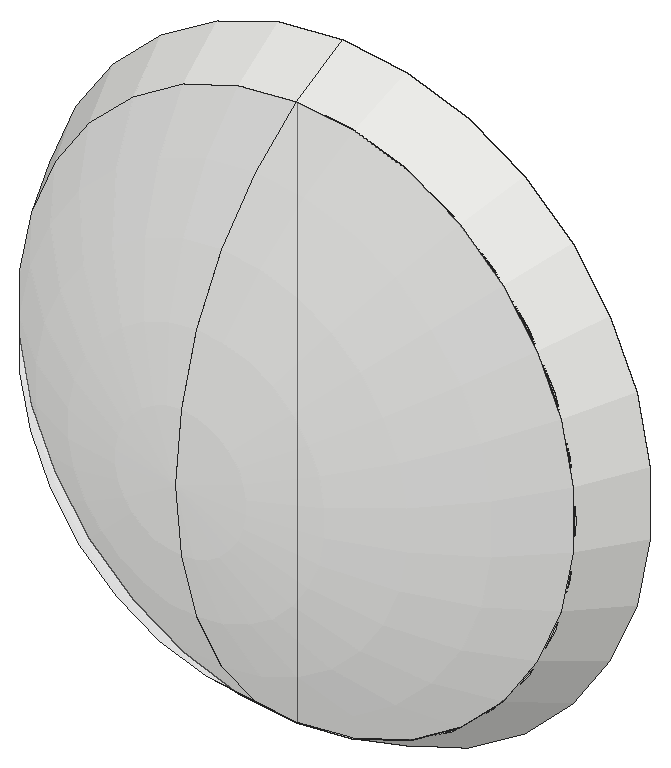
Revit family "NLRS_63_LF_UN_noodverlichting Hillux_htk", category Lighting Fixtures, Revit 2021
Family settings
  Round Connector Dimension = Use Diameter
  Part Type = Normal
  OmniClass Number = 23.80.70.11.21
  OmniClass Title = Emergency Lighting
  Work Plane-Based = No
  Always vertical = No
  Cut with Voids When Loaded = No
  Light Source = Yes
  Shared = Yes
  Room Calculation Point = No
Parameters (values of type "Hillux LED Series 3 dec AT opbouw_NMD720-3")
  wandmontage [instance] = yes
  roteren [instance] = if(wandmontage, 138.00°, 48.00°)  # 138.00°
  plafondmontage [instance] = not(wandmontage)  # no
  batterij type = "Universeel batterij NiMH 4,8V/4000mAh aku0038"
  Wattage Comments = "11,5W"
  Wattage = 9.2903 W
  built-in parameter 1150110 = 1 (stored number, unit not read)
  URL = "https://www.hertek.nl/producten/noodverlichting/decentraal/special/hillux/nmd720_3-hillux_led_series_3_dec_at_opbouw_3000k_nimh_5_4yw"
  Type Image = Hillux.jpg
  built-in parameter 1114217 = 1 (stored number, unit not read)
  Tilt Angle = 90.00°
  built-in parameter 1150109 = 1 (stored number, unit not read)
  built-in parameter 1150134 = 3
  built-in parameter 1150113 = 1 (stored number, unit not read)
  Photometric Web File = "MULTIHILL-LED-AT.1H_3000K_LDT.ies"
  Omschrijving = NLRS_C_omschrijving  # "Hillux LED series 3 dec AT opbouw"
  NLRS_E_stroom = 0.05 A
  NLRS_E_spanning = 230 V
  NLRS_C_type_comments = "Decentraal noodverlichtingarmatuur met volgende specificaties:\r\nType armatuur\t\t: Hillux\r\nProducent/leverancier\t: Hertek\r\nFunctie\t\t\t: Vluchtwegverlichting armatuur\r\nMontagewijze\t\t: Opbouw \r\nVoorzien van\t\t: Volautomatische zelftest\r\nVoedingsspanning\t: 230VAC \r\nFunctie\t\t\t: continue/nood/nacht-nood\r\nOpgenomen vermogen\t: 11,5 Watt\r\nType lichtbron\t\t: 5x high power LED\r\nKleurtemperatuur\t: 3000K\r\nLichtstroom nominaal\t: 690 Lumen\r\nLichtstroom in nood\t: 600 Lumen\r\nAutonomietijd\t\t: 1 uur\r\nBatterij\t\t\t: NiMh 4,8V/4000mAh\r\nAfmetingen\t\t: 340x115 (b x h)\r\nGewicht\t\t: 1,6 kg\r\nWater- & stofdichtheid\t: IP 65\r\nSlagvastheid\t\t: IK10\r\nGarantie\t\t: 5 jaar op het armatuur en 4 jaar op de batterij"
  NLRS_C_revit_versie = "2020"
  NLRS_C_omschrijving = "Hillux LED series 3 dec AT opbouw"
  NLRS_C_model = ""
  NLRS_C_materiaal_kleur_01 = "melkglas"
  NLRS_C_materiaal_kleur = "wit"
  NLRS_C_materiaal_01 = Milk Glass
  NLRS_C_materiaal = Plastic, wit
  NLRS_C_leverancier_bedrijfsnaam = Manufacturer  # "Hertek"
  NLRS_C_lengte = 0 mm
  NLRS_C_hoogte1 = 220 mm
  NLRS_C_hoogte = 230 mm
  NLRS_C_garantie_termijn = "5 jaar op het armatuur en 4 jaar op de batterij"
  NLRS_C_dikte = 277 mm
  NLRS_C_diepte = 0 mm
  NLRS_C_diameter = 0 mm
  NLRS_C_content_versie = "1.0"
  NLRS_C_content_provider = ""
  NLRS_C_content_handleiding = ""
  NLRS_C_content_datum_uitgifte = "01-08-2022"
  NLRS_C_content_datum_gewijzigd = ""
  NLRS_C_content_creator = "www.hertek.eu"
  NLRS_C_code_leverancier_gln = ""
  NLRS_C_code_leverancier_artikel = ""
  NLRS_C_code_gtin = ""
  NLRS_C_code_fabrikant_product = ""
  NLRS_C_code_fabrikant_gln = "8714253082646"  # constant formula
  NLRS_C_code_artikel = "NMB720-3"
  NLRS_C_code_SfB_tabel1 = ""
  NLRS_C_code_STABU = ""
  NLRS_C_code_ETIM_url = ""
  NLRS_C_code_ETIM = ""
  NLRS_C_code_CBNL_URL = ""
  NLRS_C_code_CBNL = ""
  NLRS_C_code [instance] = ""
  NLRS_C_breedte1 = 111 mm
  NLRS_C_breedte = 118 mm
  Model = "Hillux LED"
  Manufacturer = "Hertek"  # constant formula
  built-in parameter 1150105 = 109.82 (stored number, unit not read)
  Lumens = 1380 lm
  built-in parameter 1150115 = 1 (stored number, unit not read)
  built-in parameter 1150137 = (empty or 0)
  built-in parameter 1150139 = (empty or 0)
  built-in parameter 1150112 = 1 (stored number, unit not read)
  built-in parameter 1150114 = 1 (stored number, unit not read)
  Lamp = "LED"
  built-in parameter 1150132 = (empty or 0)
  built-in parameter 1150102 = (empty or 0)
  built-in parameter 1150107 = 3200 (stored number, unit not read)
  built-in parameter 1150138 = (empty or 0)
  built-in parameter 1150106 = 1.0982 (stored number, unit not read)
  IfcExportType = ""
  IfcExportAs = ""
  Emit from Circle Diameter = 609.6 mm
  Emit Shape Visible in Rendering = yes
  built-in parameter 1150104 = 13.8 (stored number, unit not read)
  Dimming Lamp Color Temperature Shift = <None>
  Default Elevation = 0 mm
  Color Filter = 16777215
  built-in parameter 1114218 = 1 (stored number, unit not read)
  built-in parameter 1150133 = 10 (stored number, unit not read)
Reference planes
  plane 1 "Center (Front/Back)": y = 0
  plane 2: z = 0
  plane 3 "Center (Left/Right)": x = 0
Forms (mm)
  Revolve 1, solid, material "Plastic, wit" <- "NLRS_C_materiaal"
    sketch origin (0, 0, 0.027) x (0, 0.669131, -0.743145) y (0, 0.743145, 0.669131)
      loop
        line (0, 0) -> (-126.335, 113.752)
        arc (-126.335, 113.752) -> (-131.678, 96.651) -> (-135.324, 79.109) r 183.152
        line (-135.324, 79.109) -> (-21.252, -23.602) -> (0, 0)
      axis (-21.252, -23.602) -> (0, 0)
    angle from 0 to 360
  Revolve 2, solid, material "Milk Glass" <- "NLRS_C_materiaal_01"
    sketch origin (0, 0, 0.027) x (0, 0.669131, -0.743145) y (0, 0.743145, 0.669131)
      loop
        line (-21.252, -23.602) -> (-135.324, 79.109)
        arc (-135.324, 79.109) -> (-127.012, -10.581) -> (-76.95, -85.462) r 183.152
        line (-76.95, -85.462) -> (-21.252, -23.602)
      axis (-21.252, -23.602) -> (-76.95, -85.462)
    angle from 0 to 360
Lines and regions (mm)
  reference lines
    curve 1: line (0, 0, 0.027) -> (0, 0, -23.549)
    curve 2: line (0, 0, 0.027) -> (0, 153.913, -170.911)
Dimensions and locks
  "roteren": angle plane 1 "Center (Front/Back)" to curve 2
  aligned and locked: level to plane 2
  aligned and locked: nested 2 to nested 1
Automatic sketch dimensions
  Revolve 1 sketch curve to curve 2 = 0 mm  (x4)
  Revolve 1 sketch curve to curve 2 = 126.335 mm
  Revolve 1 sketch curve to curve 2 = 79.109 mm
  Revolve 1 sketch curve to Revolve 1 sketch curve = 8.99 mm
  curve 2 to Revolve 1 sketch curve = 45.603 mm
  curve 2 to Revolve 1 sketch curve = 50.647 mm
  Revolve 1 sketch curve to Revolve 1 sketch curve = 0 mm  (x2)
  Revolve 2 sketch curve to curve 2 = 135.324 mm
  Revolve 2 sketch curve to curve 2 = 76.95 mm
  Revolve 2 sketch curve to curve 2 = 21.252 mm
  curve 2 to Revolve 2 sketch curve = 45.603 mm
  curve 2 to Revolve 2 sketch curve = 85.462 mm
  Revolve 2 sketch curve to curve 2 = 23.602 mm
  Revolve 2 sketch curve to Revolve 2 sketch curve = 0 mm  (x4)
  curve 1 to plane 1 "Center (Front/Back)" = 0 mm
  level to curve 2 = 0.027 mm
  curve 1 to level = 23.549 mm
Nested families
  nested 1: "63_CGA_verlichting_(nood,centraal,decentraal,waterdicht)_e1" at (0, -400, 0), type "TL 2"
    with wandmontage yes, w-waterdicht yes, schaal_50 no, schaal_100 yes, r3 79.55 mm, r2 44.194 mm, r1 250 mm, noodverlichting_decentraal yes, noodverlichting_centraal no, ndc yes, nc yes, lengte 630 mm, l4 58.579 mm, l3 400 mm, l2 353.553 mm, l1 630 mm, is_symbool yes, breedte 300 mm, b1 100 mm
  nested 2: "NLRS_65_GA_UN_noodverlichting_generiek_CGA" at (214.745, -635.355, 0), NLRS_C_code <- "NLRS_C_code", type "noodverlichting"
    with atdm 0 mm, afstand tot de muur 0 mm, afstand symbool vanaf midden 0 mm, afst mid plus 0 mm, afst mid min 0 mm, NLRS_C_code "", BMC Paneel ""
Connectors
  electrical at (0, 0, 0)
    settings: index 1, voltage 230 V, apparent load 0 VA, apparent load phase1 11.5 VA, apparent load phase2 0 VA, apparent load phase3 0 VA, power factor 1, load classification "Power", number of poles 1, system type 31, power factor state 1, is connector primary yes, connector utility no, sub classification motor no, connector description "power"
Definition of nested family "63_CGA_verlichting_(nood,centraal,decentraal,waterdicht)_e1"
  Parameters (values of type "TL 2")
    w-waterdicht [instance] = yes
    wandmontage [instance] = yes
    schaal_50 [instance] = not(schaal_100)  # no
    schaal_100 [instance] = yes
    r3 [instance] = 0.45 * (r1 * cos(45.00°))  # 79.55 mm
    r2 [instance] = 0.25 * (r1 * cos(45.00°))  # 44.194 mm
    r1 [instance] = if(LED_HG, lengte, if(schaal_100, 250 mm, 125 mm))  # 250 mm
    noodverlichting_decentraal [instance] = no
    noodverlichting_centraal [instance] = no
    ndc [instance] = if(noodverlichting_decentraal, 1 = 1, 1 = 0)  # no
    nc [instance] = if(or(noodverlichting_centraal, noodverlichting_decentraal), 1 = 1, 1 = 0)  # no
    lengte [instance] = 1200 mm
    l4 [instance] = 0.8 * (r1 - l2 / 2)  # 58.579 mm
    l3 [instance] = if(schaal_100, 400 mm, 200 mm)  # 400 mm
    l2 [instance] = 2 * (r1 * cos(45.00°))  # 353.553 mm
    l1 [instance] = if(LED_HG, 2.4 * r1, if(TL, lengte, 2.4 * breedte))  # 1200 mm
    is_symbool [instance] = yes
    breedte [instance] = if(LED_HG, 0.5 * lengte, if(schaal_100, 300 mm, 150 mm))  # 300 mm
    b1 [instance] = breedte / 3  # 100 mm
    Type Comments = "GEEN CALCULATIEOBJECT"  # constant formula
    TL = yes
    PL = yes
    Manufacturer = ""
    LED_HG = no
    Description = "Armatuur TL"
    Default Elevation = 0 mm
    Copyright © Cadac = "www.cadac.com/aec"
    Cadac content versie = "3.2"  # constant formula
    Assembly Code = ""
  Reference planes
    plane 1 "Center (Front/Back)": y = 0
    plane 2: z = 0
    plane 3 "Center (Left/Right)": x = 0
    plane 4: y = 150
    plane 5: y = -150
    plane 6: y = 176.777
    plane 7: x = -176.777
    plane 8: x = 176.777
    plane 9: y = -176.777
    plane 10 "Cadac Group AEC": y = 0
    plane 11: y = 400
    plane 12: y = -191.421
    plane 13: y = -206.066
    plane 14: y = -220.711
    plane 15: y = -235.355
  Lines and regions (mm)
    symbolic lines
      curve 1: circle (0, 0, 0) r 250 normal (0, 0, 1)
    symbolic lines, visible <- "TL"
      curve 2: line (600, 150, 0) -> (600, -150, 0)
      curve 3: line (600, -16.667, 0) -> (249.444, -16.667, 0)
      curve 4: line (600, 16.667, 0) -> (249.444, 16.667, 0)
      curve 5: line (600, 50, 0) -> (244.949, 50, 0)
      curve 6: line (600, -50, 0) -> (244.949, -50, 0)
    symbolic lines, visible <- "PL"
      curve 7: line (-600, 150, 0) -> (-600, -150, 0)
      curve 8: line (-600, -16.667, 0) -> (-249.444, -16.667, 0)
      curve 9: line (-600, 16.667, 0) -> (-249.444, 16.667, 0)
      curve 10: line (-600, 50, 0) -> (-244.949, 50, 0)
      curve 11: line (-600, -50, 0) -> (-244.949, -50, 0)
    symbolic lines, visible <- "w-waterdicht"
      curve 12: line (-141.551, -206.066, 0) -> (141.551, -206.066, 0)
      curve 13: line (-117.417, -220.711, 0) -> (117.417, -220.711, 0)
      curve 14: line (-84.308, -235.355, 0) -> (84.308, -235.355, 0)
      curve 15: line (4.083, -249.967, 0) -> (-4.083, -249.967, 0)
      curve 18: line (-160.804, -191.421, 0) -> (160.804, -191.421, 0)
    symbolic lines, visible <- "wandmontage"
      curve 16: line (-176.777, 400, 0) -> (176.777, 400, 0)
      curve 17: line (0, 250, 0) -> (0, 400, 0)
    symbolic lines, visible <- "ndc"
      curve 19: line (-176.777, -176.777, 0) -> (176.777, -176.777, 0)
      curve 20: line (-176.777, -176.777, 0) -> (-176.777, 176.777, 0)
      curve 21: line (-176.777, 176.777, 0) -> (176.777, 176.777, 0)
      curve 22: line (176.777, 176.777, 0) -> (176.777, -176.777, 0)
    symbolic lines, visible <- "nc"
      curve 23: line (176.777, 176.777, 0) -> (-176.777, -176.777, 0)
      curve 24: line (176.777, -176.777, 0) -> (-176.777, 176.777, 0)
      curve 25: circle (0, 0, 0) r 20 normal (0, 0, 1)
      curve 26: circle (0, 0, 0) r 50 normal (0, 0, 1)
  Dimensions and locks
    equal spacing: curve 7, plane 3 "Center (Left/Right)", curve 2
    "l1": curve 7 to curve 2
    equal spacing: plane 5, plane 1 "Center (Front/Back)", plane 4
    "breedte": plane 4 to plane 5
    equal spacing: curve 5, curve 4, curve 3, curve 6
    equal spacing: curve 5, plane 1 "Center (Front/Back)", curve 6
    "b1": curve 5 to curve 6
    equal spacing: curve 11, curve 8, curve 9, curve 10
    equal spacing: curve 11, plane 1 "Center (Front/Back)", curve 10
    "b1": curve 11 to curve 10
    "l2": plane 7 to plane 8
    "l2": plane 6 to plane 9
    equal spacing: plane 7, plane 3 "Center (Left/Right)", plane 8
    equal spacing: plane 6, plane 1 "Center (Front/Back)", plane 9
    "l3": plane 1 "Center (Front/Back)" to plane 11
    equal spacing: plane 9, plane 12, plane 13, plane 14, plane 15
    "l4": plane 9 to plane 15
    "r1": radius of curve 1
    radius of curve 26 = 50 mm
    radius of curve 25 = 20 mm
    aligned and locked: plane 4 to curve 7
    aligned and locked: plane 4 to curve 2
    aligned and locked: plane 5 to curve 2
    aligned and locked: plane 5 to curve 7
    aligned and locked: plane 10 "Cadac Group AEC" to plane 1 "Center (Front/Back)"
    aligned and locked: curve 14 to plane 15
    aligned and locked: curve 13 to plane 14
    aligned and locked: curve 18 to plane 12
    aligned and locked: curve 12 to plane 13
  Automatic sketch dimensions
    curve 16 to plane 7 = 0 mm
    curve 17 to plane 3 "Center (Left/Right)" = 0 mm
    curve 16 to plane 8 = 0 mm
    curve 16 to plane 11 = 0 mm
    curve 15 to plane 3 "Center (Left/Right)" = 4.083 mm
    curve 21 to plane 7 = 0 mm
    curve 23 to plane 7 = 0 mm
    curve 23 to plane 6 = 0 mm
    curve 24 to plane 6 = 0 mm
    curve 24 to plane 9 = 0 mm
    curve 21 to plane 6 = 0 mm
    curve 1 to curve 26 = 0 mm  (x2)
    curve 25 to curve 26 = 0 mm  (x2)
    curve 22 to plane 8 = 0 mm
Definition of nested family "NLRS_65_GA_UN_noodverlichting_generiek_CGA"
  Parameters (values of type "noodverlichting")
    content_version = "3.4"  # constant formula
    content_modified_date = "01-09-2013"  # constant formula
    content_creation_date = "01-01-2012"  # constant formula
    atdm [instance] = if(afstand tot de muur < 0 mm, -1 * afstand tot de muur, afstand tot de muur)  # 0 mm
    afstand tot de muur [instance] = 0 mm
    afstand symbool vanaf midden [instance] = 0 mm
    afst mid plus [instance] = if(afstand symbool vanaf midden > 0 mm, afstand symbool vanaf midden, 0 mm)  # 0 mm
    afst mid min [instance] = if(afstand symbool vanaf midden < 0 mm, -1 * afstand symbool vanaf midden, 0 mm)  # 0 mm
    NLRS_C_code [instance] = ""
    Description = "I/O-3 UNIT 3x INGANGS-/ 3x UITGANGSMODULE"  # constant formula
    Copyright © Cadac = "www.cadac.com/aec"
    BMC Paneel [instance] = ""
  Reference planes
    plane 1: y = 0
    plane 2: x = 0
  Lines and regions (mm)
    reference lines, not visible
      curve 1: line (0, 8.982, 0) -> (0, -8.267, 0)
      curve 2: line (0, -8.267, 0) -> (0, 9, 0)
      curve 3: line (-13, 0, 0) -> (13.702, 0, 0)
    detail lines, not visible
      curve 4: arc (-1.5, 9, 0) -> (0, 7.5, 0) -> (1.5, 9, 0) r 1.5
      curve 5: circle (-1.933, 6.116, 0) r 0.5 normal (0, 0, 1)
      curve 6: line (0, 0, 0) -> (0, 7.5, 0)
      curve 7: line (-1.5, 7.5, 0) -> (1.5, 7.5, 0)
      curve 8: line (1.5, 1.134, 0) -> (-1.5, 2.866, 0)
      curve 9: line (1.5, 2.134, 0) -> (-1.5, 3.866, 0)
      curve 10: line (1.5, 3.134, 0) -> (-1.5, 4.866, 0)
      curve 11: line (1.5, 4.134, 0) -> (-1.5, 5.866, 0)
      curve 12: line (-3, 7.732, 0) -> (1.5, 5.134, 0)
      curve 13: line (-3, 8.982, 0) -> (-3, 6.482, 0)
      curve 14: line (1.299, 8.25, 0) -> (-1.299, 8.25, 0)
      curve 15: line (1.161, 8.05, 0) -> (-1.161, 8.05, 0)
      curve 16: line (0.963, 7.85, 0) -> (-0.963, 7.85, 0)
      curve 17: line (0.654, 7.65, 0) -> (-0.654, 7.65, 0)
      curve 18: arc (-1.683, 6.116, 0) -> (-1.933, 6.366, 0) -> (-2.183, 6.116, 0) r 0.25
      curve 19: arc (-2.183, 6.116, 0) -> (-1.933, 5.866, 0) -> (-1.683, 6.116, 0) r 0.25
  Text (mm)
    text "Cadac Group AEC" at (-305.182, -0.685, 0), not visible
    text "NV" at (0.008, -0.001, 0)
    text "NV" at (-47.369, 40.648, 0), not visible
    label "NLRS_C_code" at (3.864, -1.377, 0), shows "NLRS_C_code"
  Dimensions and locks
    "atdm": plane 1 to curve 3
    "afst mid plus": curve 1 to curve 2
    "afst mid min": plane 2 to curve 2
  Automatic sketch dimensions
    curve 3 to plane 2 = 13 mm
    plane 2 to curve 3 = 13.702 mm
    plane 1 to curve 2 = 8.267 mm
    curve 1 to curve 2 = 0 mm
    curve 1 to plane 1 = 8.982 mm
    curve 1 to curve 2 = 0.018 mm
